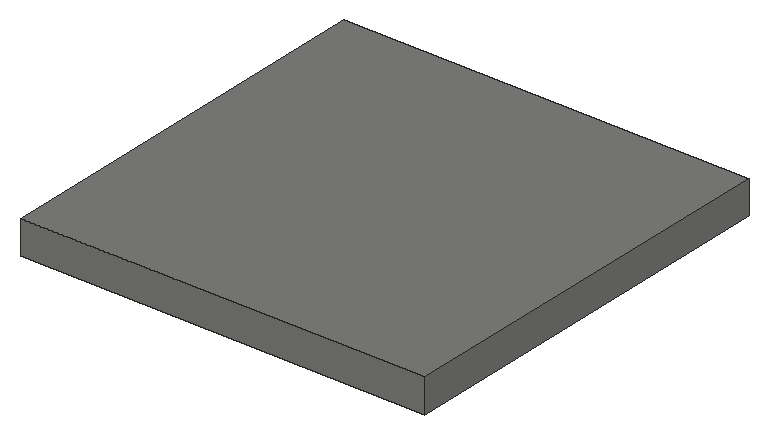
Revit family "Post_Cap-K2_Stone-Ocean_Pearl-n1", category Site, Revit 2013
Parameters (values of type "Ocean Pearl")
  Width = if(and(Requested Width < Max Width, Requested Width > Min Width), Requested Width, if(or(Requested Width > Max Width, Requested Width = Max Width), Max Width, Min Width))  # 1' - 0"
  URL = "https://www.k2stone.com/"
  Type Comments = "Post Cap"  # constant formula
  Thickness = if(and(Requested Thickness < Max Thickness, Requested Thickness > Min Thickness), Requested Thickness, if(or(Requested Thickness > Max Thickness, Requested Thickness = Max Thickness), Max Thickness, Min Thickness))  # 0' - 1"
  Requested Width = 1' - 0"
  Requested Thickness = 0' - 1"
  Requested Length = 1' - 0"
  Product Page URL = "https://www.k2stone.com/product/ocean-pearl-cut-top-post-cap/"
  Product Documentation Link = "https://www.k2stone.com/technical-specifications"
  Model = "Ocean Pearl Post Cap"  # constant formula
  Min Width = 1' - 0"  # constant formula
  Min Thickness = 0' - 1"  # constant formula
  Min Length = 1' - 0"  # constant formula
  Max Width = 2' - 0"  # constant formula
  Max Thickness = 0' - 8"  # constant formula
  Max Length = 6' - 0"  # constant formula
  Manufacturer = "K2 Stone"  # constant formula
  Length = if(and(Requested Length < Max Length, Requested Length > Min Length), Requested Length, if(or(Requested Length > Max Length, Requested Length = Max Length), Max Length, Min Length))  # 1' - 0"
  LEED = "https://www.k2stone.com/k2-stone-is-green"
  Finish = Stone-K2-Ocean_Pearl
  Description = "Ocean Pearl slate has a unique geology that can only be found on Vancouver Island. "  # constant formula
  Default Elevation = 4' - 0"
Reference planes (in)
  plane 1 "Center (Front/Back)": y = 0
  plane 2 "Bottom": z = 0
  plane 3 "Center (Left/Right)": x = 0
  plane 4 "Left": x = -6
  plane 5 "Right": x = 6
  plane 6 "Back": y = 6
  plane 7 "Front": y = -6
  plane 8 "Top": z = 1
Forms (in)
  Extrusion 1, solid, material "Stone-K2-Ocean_Pearl" <- "Finish"
    sketch origin (0, 0, 0) x (1, 0, 0) y (0, 1, 0)
      loop
        line (-6, -6) -> (6, -6) -> (6, 6) -> (-6, 6) -> (-6, -6)
    from 0 to 1
Dimensions and locks (in)
  equal spacing: plane 6 "Back", plane 1 "Center (Front/Back)", plane 7 "Front"
  equal spacing: plane 4 "Left", plane 3 "Center (Left/Right)", plane 5 "Right"
  "Length": plane 4 "Left" to plane 5 "Right"
  "Width": plane 6 "Back" to plane 7 "Front"
  "Thickness": plane 8 "Top" to level
  aligned and locked: plane 2 "Bottom" to level
  aligned and locked: Extrusion 1 sketch curve to plane 7 "Front"
  aligned and locked: plane 4 "Left" to Extrusion 1 sketch curve
  aligned and locked: plane 6 "Back" to Extrusion 1 sketch curve
  aligned and locked: plane 5 "Right" to Extrusion 1 sketch curve
  aligned and locked: Extrusion 1 to level
  aligned and locked: plane 8 "Top" to Extrusion 1
